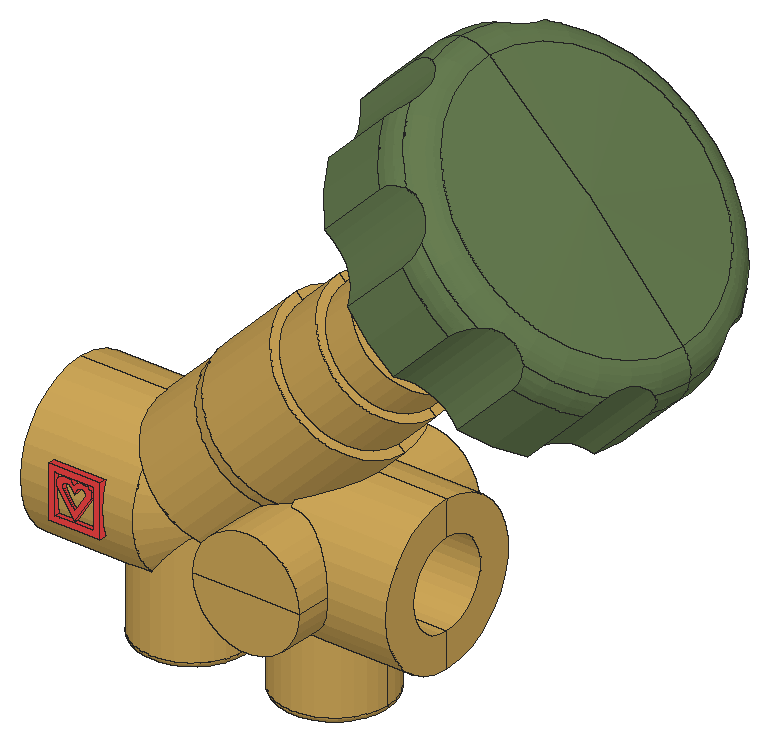
Revit family "Absperrventil 4125 AWD", category Rohrzubehör, Revit 2019
Family settings
  Bemaßung runder Anschluss = Durchmesser verwenden
  Teiletyp = Unterbricht
  OmniClass-Nummer = 23.65.55.14
  OmniClass-Titel = Valves for Liquid Services
  Arbeitsebenenbasiert = Nein
  Immer vertikal = Ja
  Beim Laden mit Abzugskörper schneiden = Nein
  Gemeinsam genutzt = Nein
Parameters
  W01 = 45.00°  # constant formula
  URL = "www.herz-armaturen.at"
  Technisch möglicher Einsatz = " "  # constant formula
  Spindel = "Messing CW617N"  # constant formula
  SW01 = 60.00°  # constant formula
  SC_NennweiteBerechnet = 0
  SC_Dimension = ""
  SCTWSEQ = "FW;SBT_TYP_FW=\"109\";2"
  SCTWCODE = "04;00;02"  # constant formula
  S03 = 60.000 mm  # constant formula
  S02 [instance] = L06 + L09 + L12 + L15  # 77.900 mm
  S01 [instance] = R01 * 2  # 27.000 mm
  R12 [instance] = R01 - 1.000 mm  # 12.500 mm
  R11 [instance] = size_lookup("4125AWD_", "R11", 46.500 mm, Nennweite)  # 5.100 mm
  R100 = 1.000 mm  # constant formula
  R10 [instance] = size_lookup("4125AWD_", "R10", 46.500 mm, Nennweite)  # 8.000 mm
  R09 [instance] = size_lookup("4125AWD_", "R9", 46.500 mm, Nennweite)  # 10.500 mm
  R08 [instance] = size_lookup("4125AWD_", "R8", 46.500 mm, Nennweite)  # 12.000 mm
  R07 [instance] = size_lookup("4125AWD_", "R7", 46.500 mm, Nennweite)  # 13.500 mm
  R06 [instance] = size_lookup("4125AWD_", "R6", 43.000 mm, Nennweite)  # 13.000 mm
  R05 [instance] = Nennweite / 2  # 7.500 mm
  R04 [instance] = size_lookup("4125AWD_", "R4", 11.500 mm, Nennweite)  # 9.500 mm
  R03 = 9.500 mm  # constant formula
  R02 [instance] = Nennweite / 2  # 7.500 mm
  R01 [instance] = size_lookup("4125AWD_", "R1", 11.500 mm, Nennweite)  # 13.500 mm
  Oberteil = "entzinkungsbeständiges Messing CW626N"  # constant formula
  Nennweite [instance] = 15.000 mm
  Min. Durchfluss bei Dp 10 kPa [instance] = if(Nennweite = 15.000 mm, 0.5 L/s, if(Nennweite = 20.000 mm, 1.0 L/s, if(Nennweite = 25.000 mm, 1.75 L/s, if(Nennweite = 32.000 mm, 3.0 L/s, if(Nennweite = 40.000 mm, 4.0 L/s, if(Nennweite = 50.000 mm, 6.75 L/s, if(Nennweite = 65.000 mm, 11.0 L/s, if(Nennweite = 80.000 mm, 16.0 L/s, 0.0 L/s))))))))  # 0.5 L/s
  Medium = "Trinkwasser"  # constant formula
  Max. Gebrauchstemperatur (ÖVGW) = 65 °C  # constant formula
  Max. Differenzdruck auf geschlossenen Sitz = 1000000.0 Pa  # constant formula
  Max. Betriebstemperatur = 80 °C  # constant formula
  Max. Betriebsdruck (ÖVGW) = 1000000.0 Pa  # constant formula
  Max. Betriebsdruck = 2000000.0 Pa  # constant formula
  L16 [instance] = L01 / 2  # 10.000 mm
  L15 [instance] = size_lookup("4125AWD_", "L15", 12.400 mm, Nennweite)  # 12.400 mm
  L14 [instance] = size_lookup("4125AWD_", "L14", 81.000 mm, Nennweite)  # 6.000 mm
  L12 [instance] = size_lookup("4125AWD_", "L12", 81.000 mm, Nennweite)  # 26.000 mm
  L11 [instance] = size_lookup("4125AWD_", "L11", 60.000 mm, Nennweite)  # 6.700 mm
  L10 [instance] = size_lookup("4125AWD_", "L10", 20.000 mm, Nennweite)  # 9.300 mm
  L09 [instance] = size_lookup("4125AWD_", "L9", 11.000 mm, Nennweite)  # 17.000 mm
  L08 [instance] = size_lookup("4125AWD_", "L8", 35.000 mm, Nennweite)  # 20.000 mm
  L07 [instance] = size_lookup("4125AWD_", "L7", 35.000 mm, Nennweite)  # 12.500 mm
  L06 [instance] = size_lookup("4125AWD_", "L6", 118.000 mm, Nennweite) - L09  # 22.500 mm
  L05 [instance] = size_lookup("4125AWD_", "L5", 44.000 mm, Nennweite)  # 20.500 mm
  L04 [instance] = size_lookup("4125AWD_", "L4", 45.000 mm, Nennweite)  # 19.500 mm
  L03 = 15.000 mm  # constant formula
  L02 [instance] = size_lookup("4125AWD_", "L2", 22.000 mm, Nennweite)  # 6.000 mm
  L01 [instance] = size_lookup("4125AWD_", "L1", 48.000 mm, Nennweite)  # 20.000 mm
  L00 [instance] = size_lookup("4125AWD_", "L", 180.000 mm, Nennweite)  # 65.000 mm
  Kegel = "entzinkungsbeständiges Messing CW626N"  # constant formula
  Hinweis = "Gemäß Art 33 der REACH-Verordnung (EG Nr. 1907/2006) sind wir verpflichtet, darauf hinzuweisen, dass der Stoff Blei auf der SVHC-Liste geführt wird und dass alle aus Messing bestehenden Bauteile, die in unseren Erzeugnissen verarbeitet sind, mehr als 0,1 % (w/w) Blei (CAS: 7439-92-1 / EINECS: 231-100-4) enthalten.\r\nDa Blei als Legierungsbestandteil fest gebunden ist, sind keine Expositionen zu erwarten und daher sind keine zusätzlichen Angaben zur sicheren Verwendung notwendig."
  Hersteller = "HERZ Armaturen Ges.m.b.H."  # constant formula
  Handrad = "Kunststoff, grün"  # constant formula
  H01 [instance] = size_lookup("4125AWD_", "H1", 53.000 mm, Nennweite)  # 24.000 mm
  Gelegentliche Temperaturanstiege = "bis 95°C, wenn sie nicht länger als 1 h andauern"  # constant formula
  Gehäuse = "entzinkungsbeständiges Gussmessing CC770S"  # constant formula
  Dichtungen = "EPDM nach KTW"  # constant formula
  DN80 [instance] = Nennweite = 80.000 mm  # no
  DN65 [instance] = Nennweite = 65.000 mm  # no
  DN50 [instance] = Nennweite = 50.000 mm  # no
  DN40 [instance] = Nennweite = 40.000 mm  # no
  DN32 [instance] = Nennweite = 32.000 mm  # no
  DN25 [instance] = Nennweite = 25.000 mm  # no
  DN20 [instance] = Nennweite = 20.000 mm  # no
  DN15 [instance] = Nennweite = 15.000 mm  # yes
  Bestellnummer [instance] = size_lookup("4125AWD_", "Artnr", 0, Nennweite)  # 2412571
  Anwendungsgebiet = "Zum Absperren von Trinkwasserleitungen in Gebäuden."
Reference planes
  plane 1 "Mitte (Vorne/hinten)": y = 0
  plane 2: z = 0
  plane 3 "Mitte (Links/rechts)": x = 0
Forms (mm)
  Revolve 1, solid, material "Messing, weicher Gelbton, geschweißt", detail levels fine
    sketch origin (470, 0, 0) x (1, 0, 0) y (0, 0, 1)
      loop
        line (-502.5, 7.5) -> (-487.5, 7.5) -> (-487.5, 0) -> (-452.5, 0) -> (-452.5, 7.5) -> (-437.5, 7.5) -> (-437.5, 13.5) -> (-457.5, 13.5) -> (-464, 7.5) -> (-476, 7.5) -> (-482.5, 13.5) -> (-502.5, 13.5) -> (-502.5, 7.5)
      axis (-502.5, 0) -> (-437.5, 0)
    angle from 0 to 360
  Revolve 2, solid, material "Messing, weicher Gelbton, geschweißt", detail levels fine
    sketch origin (470, 0, 0) x (1, 0, 0) y (0, 0, 1)
      loop
        line (-492, 0) -> (-492, -23)
        arc (-492, -23) -> (-491.707, -23.707) -> (-491, -24) r 1
        line (-491, -24) -> (-482.5, -24) -> (-482.5, 0) -> (-492, 0)
      axis (-482.5, 0) -> (-482.5, -24)
    angle from 0 to 360
  Revolve 3, solid, material "Messing, weicher Gelbton, geschweißt", detail levels fine
    sketch origin (0, 0, 0) x (1, 0, 0) y (0, 1, 0)
      loop
        line (12.5, -19.5) -> (22, -19.5) -> (22, 20.5) -> (12.5, 20.5) -> (12.5, -19.5)
      axis (12.5, -19.5) -> (12.5, 20.5)
    angle from 0 to 360
  Revolve 4, solid, material "Messing, weicher Gelbton, geschweißt", detail levels fine
    sketch origin (-470, 0, 0) x (-1, 0, 0) y (0, 0, 1)
      loop
        line (-492, 0) -> (-492, -23)
        arc (-492, -23) -> (-491.707, -23.707) -> (-491, -24) r 1
        line (-491, -24) -> (-482.5, -24) -> (-482.5, 0) -> (-492, 0)
      axis (-482.5, 0) -> (-482.5, -24)
    angle from 0 to 360
  Revolve 5, solid, material "Messing, weicher Gelbton, geschweißt", detail levels fine
    sketch origin (0.32, 0, -0.105) x (1, 0, 0) y (0, 0, 1)
      loop
        line (-12.82, 0) -> (42.264, 55.084) -> (38.657, 58.69) -> (29.889, 49.922) -> (27.839, 51.972) -> (20.767, 44.901) -> (19, 46.669) -> (14.262, 41.931) -> (13.201, 42.992) -> (6.625, 36.416) -> (5.565, 37.477) -> (-6.456, 25.456) -> (-7.87, 23.335) -> (-17.77, 13.435) -> (-18.123, 5.303) -> (-12.82, 0)
      axis (-12.82, 0) -> (42.264, 55.084)
    angle from 0 to 360
Lines and regions (mm)
  model lines, detail levels coarse+medium
    curve 1: line (-32.5, 0, 13.5) -> (-32.5, 0, -13.5)
    curve 2: line (-32.5, 0, -13.5) -> (32.5, 0, 13.5)
    curve 3: line (32.5, 0, 13.5) -> (32.5, 0, -13.5)
    curve 4: line (32.5, 0, -13.5) -> (-32.5, 0, 13.5)
    curve 5: line (0, 0, 0) -> (38.95, 0, 67.463)
    curve 6: line (12.969, 0, 82.463) -> (64.931, 0, 52.463)
    curve 7: line (-32.5, -13.5, 0) -> (-32.5, 13.5, 0)
    curve 8: line (-32.5, 13.5, 0) -> (32.5, -13.5, 0)
    curve 9: line (32.5, -13.5, 0) -> (32.5, 13.5, 0)
    curve 10: line (32.5, 13.5, 0) -> (-32.5, -13.5, 0)
    curve 11: line (0, 0, 0) -> (38.95, 67.463, 0)
    curve 12: line (12.969, 82.463, 0) -> (64.931, 52.463, 0)
Dimensions and locks
  "H01": plane 2 to Revolve 2 sketch curve
  "L00": Revolve 1 sketch curve to Revolve 1 sketch curve
  equal spacing: Revolve 1 sketch curve, plane 3 "Mitte (Links/rechts)", Revolve 1 sketch curve
  "R01": Revolve 1 sketch curve to Revolve 1 sketch curve  (x2)
  "R02": Revolve 1 sketch curve to Revolve 1 sketch curve  (x3)
  "L01": Revolve 1 sketch curve to Revolve 1 sketch curve  (x2)
  "L02": plane 3 "Mitte (Links/rechts)" to Revolve 1 sketch curve
  "L02": Revolve 1 sketch curve to plane 3 "Mitte (Links/rechts)"
  "L03": Revolve 1 sketch curve to Revolve 1 sketch curve  (x2)
  "L01": Revolve 1 to Revolve 2 sketch curve
  "R03": Revolve 2 sketch curve to Revolve 2 sketch curve
  "L01": Revolve 4 sketch curve to Revolve 1
  "R03": Revolve 4 sketch curve to Revolve 4 sketch curve
  "H01": plane 2 to Revolve 4 sketch curve
  "L04": Revolve 3 sketch curve to plane 1 "Mitte (Vorne/hinten)"
  "L05": plane 1 "Mitte (Vorne/hinten)" to Revolve 3 sketch curve
  "R04": Revolve 3 sketch curve to Revolve 3 sketch curve
  "L01": Revolve 3 sketch curve to Revolve 1
  "R07": Revolve 5 sketch curve to Revolve 5 sketch curve
  "L07": plane 3 "Mitte (Links/rechts)" to Revolve 5 sketch curve
  "R05": Revolve 5 sketch curve to Revolve 5 sketch curve
  "L06": Revolve 5 sketch curve to Revolve 5 sketch curve
  "L08": Revolve 5 sketch curve to Revolve 5 sketch curve
  "R06": Revolve 5 sketch curve to Revolve 5 sketch curve
  "L14": Revolve 5 sketch curve to Revolve 5 sketch curve
  "L09": Revolve 5 sketch curve to Revolve 5 sketch curve
  "R08": Revolve 5 sketch curve to Revolve 5 sketch curve
  "L10": Revolve 5 sketch curve to Revolve 5 sketch curve
  "R09": Revolve 5 sketch curve to Revolve 5 sketch curve
  "R10": Revolve 5 sketch curve to Revolve 5 sketch curve
  "L12": Revolve 5 sketch curve to Revolve 5 sketch curve
  "R11": Revolve 5 sketch curve to Revolve 5 sketch curve
  "L15": Revolve 5 sketch curve to Revolve 5 sketch curve
  "L11": Revolve 5 sketch curve to Revolve 5 sketch curve
  "R12": nested 9 to plane 1 "Mitte (Vorne/hinten)"
  "L16": Revolve 1 to nested 9
  equal spacing: curve 1, plane 3 "Mitte (Links/rechts)", curve 3
  "L00": curve 1 to curve 3
  equal spacing: curve 4, plane 2, curve 2
  "S01": curve 4 to curve 1
  "S01": curve 3 to curve 4
  equal spacing: curve 3, plane 2, curve 4
  "S02": curve 5 to curve 5
  equal spacing: curve 6, curve 5, curve 6
  "S03": curve 6 to curve 6
  equal spacing: curve 7, plane 3 "Mitte (Links/rechts)", curve 9
  "L00": curve 7 to curve 9
  equal spacing: curve 10, plane 1 "Mitte (Vorne/hinten)", curve 8
  "S01": curve 8 to curve 10
  equal spacing: curve 9, plane 1 "Mitte (Vorne/hinten)", curve 10
  "S01": curve 10 to curve 9
  "S02": curve 11 to curve 11
  equal spacing: curve 12, curve 11, curve 12
  "S03": curve 12 to curve 12
  "R100": radius of Revolve 2 sketch curve
  "R100": radius of Revolve 4 sketch curve
  "W01": angle plane 2 to Revolve 5 sketch curve
  "W01": angle level to Revolve 5 sketch curve
  "SW01": angle plane 2 to curve 5
  "SW01": angle plane 1 "Mitte (Vorne/hinten)" to curve 11
  aligned and locked: level to plane 2
Automatic sketch dimensions
  curve 5 to level = 0.000 mm
  plane 1 "Mitte (Vorne/hinten)" to curve 11 = 0.000 mm
  Revolve 1 sketch curve to level = 0.000 mm  (x2)
  Revolve 1 sketch curve to Revolve 1 sketch curve = 791.990 mm
  Revolve 1 sketch curve to Revolve 1 sketch curve = 2278.983 mm
  Revolve 2 sketch curve to level = 0.000 mm  (x2)
  Revolve 2 sketch curve to Revolve 2 sketch curve = 0.000 mm
  Revolve 2 sketch curve to Revolve 2 sketch curve = 0.292 mm
  Revolve 3 sketch curve to Revolve 3 sketch curve = 0.000 mm  (x3)
  Revolve 4 sketch curve to level = 0.000 mm  (x2)
  Revolve 4 sketch curve to Revolve 4 sketch curve = 0.000 mm
  Revolve 4 sketch curve to Revolve 4 sketch curve = 0.292 mm
  Revolve 5 sketch curve to level = 0.105 mm
  Revolve 5 sketch curve to Revolve 5 sketch curve = 0.000 mm  (x2)
Nested families
  nested 1: "Strömax-Handrad_Schrägsitz (Grün)" at (42.584, 0, 54.979), visible <- "DN15", type "Strömax-Handrad_Schrägsitz (Grün)", detail levels fine
    with Nennweite 0.000 mm, Gewicht 0.00 kg, Bestellnummer 0
  nested 2: "Strömax-Handrad_Schrägsitz (Grün)" at (54.312, 0, 67.707), visible <- "DN20", type "Strömax-Handrad_Schrägsitz (Grün)", detail levels fine
    with Nennweite 0.000 mm, Gewicht 0.00 kg, Bestellnummer 0
  nested 3: "Strömax-Handrad_Schrägsitz (Grün)" at (62.469, 0, 80.364), visible <- "DN25", type "Strömax-Handrad_Schrägsitz (Grün)", detail levels fine
    with Nennweite 0.000 mm, Gewicht 0.00 kg, Bestellnummer 0
  nested 4: "Strömax-Handrad_Schrägsitz (Grün)" at (71.712, 0, 91.607), visible <- "DN32", type "Strömax-Handrad_Schrägsitz (Grün)", detail levels fine
    with Nennweite 0.000 mm, Gewicht 0.00 kg, Bestellnummer 0
  nested 5: "Strömax-Handrad_Schrägsitz (Grün)" at (80.399, 0, 101.294), visible <- "DN40", type "Strömax-Handrad_Schrägsitz (Grün)", detail levels fine
    with Nennweite 0.000 mm, Gewicht 0.00 kg, Bestellnummer 0
  nested 6: "Strömax-Handrad_Schrägsitz (Grün)" at (97.83, 0, 129.225), visible <- "DN50", type "Strömax-Handrad_Schrägsitz (Grün)", detail levels fine
    with Nennweite 0.000 mm, Gewicht 0.00 kg, Bestellnummer 0
  nested 7: "Strömax-Handrad_Schrägsitz (Grün)" at (114.482, 0, 149.378), visible <- "DN65", type "Strömax-Handrad_Schrägsitz (Grün)", detail levels fine
    with Nennweite 0.000 mm, Gewicht 0.00 kg, Bestellnummer 0
  nested 8: "Strömax-Handrad_Schrägsitz (Grün)" at (140.423, 0, 183.319), visible <- "DN80", type "Strömax-Handrad_Schrägsitz (Grün)", detail levels fine
    with Nennweite 0.000 mm, Gewicht 0.00 kg, Bestellnummer 0
  nested 9: "Herz-Logo-vorne" at (-22.5, -13.232, 0) x (0, 1, 0) z (0, 0, 1), type "Herz-Logo-vorne", detail levels fine
Connectors
  piping at (-17.5, 0, 0), diameter 15, driven by "Nennweite"
    settings: on Revolve 1, index 1, connector inside diameter 609.6 mm, connector length 0.000 mm, flow factor 0, pipe flow 0.0 L/s, pressure drop 0.0 Pa, fitting loss kfactor 0, connector angle 0.00°, fixture units 0, engagement length 0.000 mm, angle of deflection 0.00°, flow configuration 0, flow direction 1, fitting loss method 0, system type 29, joint type 0, gender type 0, connector reference index -1, connector utility 0, adjustable connector no, is connector primary yes, connector description ""
  piping at (17.5, 0, 0), diameter 15, driven by "Nennweite"
    settings: on Revolve 1, index 2, connector inside diameter 609.6 mm, connector length 0.000 mm, flow factor 0, pipe flow 0.0 L/s, pressure drop 0.0 Pa, fitting loss kfactor 0, connector angle 0.00°, fixture units 0, engagement length 0.000 mm, angle of deflection 0.00°, flow configuration 0, flow direction 2, fitting loss method 0, system type 29, joint type 0, gender type 0, connector reference index -1, connector utility 0, adjustable connector no, is connector primary no, connector description ""
Definition of nested family "Strömax-Handrad_Schrägsitz (Grün)"
  Parameters (values of type "Strömax-Handrad_Schrägsitz (Grün)")
    URL = "www.herz-armaturen.at"
    Nennweite [instance] = 0.000 mm
    Manufacturer = "Herz Armaturen GmbH"  # constant formula
    Gewicht [instance] = 0.00 kg
    Bestellnummer [instance] = 0
  Reference planes
    plane 1 "Mitte (Vorne/hinten)": y = 0
    plane 2: z = 0
    plane 3 "Mitte (Links/rechts)": x = 0
  Forms (mm)
    Revolve 1, solid
      sketch origin (0, 0, 0) x (0.707107, 0, -0.707107) y (0.707107, 0, 0.707107)
        loop
          line (0, 0) -> (0, 22)
          arc (0, 22) -> (-12.15, 21.705) -> (-24.271, 20.819) r 250
          arc (-24.271, 20.819) -> (-26.831, 19.959) -> (-28.754, 18.063) r 6
          arc (-28.754, 18.063) -> (-29.682, 16.008) -> (-30, 13.776) r 8
          line (-30, 13.776) -> (-30, 0) -> (0, 0)
        axis (0, 22) -> (0, 0)
      angle from 0 to 360
    Extrusion 2, void
      sketch origin (0, 0, 0) x (0.707107, 0, -0.707107) y (0, 1, 0)
        loop
          circle (14.351, -34.645) r 10
      from 0 to 22
    Extrusion 3, void
      sketch origin (0, 0, 0) x (-0.707107, 0, 0.707107) y (0, -1, 0)
        loop
          circle (14.351, 34.645) r 10
      from 0 to 22
    Extrusion 4, void
      sketch origin (0, 0, 0) x (0, -1, 0) y (0.707107, 0, -0.707107)
        loop
          circle (14.351, 34.645) r 10
      from 0 to 22
    Extrusion 5, void
      sketch origin (0, 0, 0) x (0, 1, 0) y (-0.707107, 0, 0.707107)
        loop
          circle (14.351, -34.645) r 10
      from 0 to 22
    Extrusion 6, void
      sketch origin (0, 0, 0) x (0, -1, 0) y (0.707107, 0, -0.707107)
        loop
          circle (14.351, -34.645) r 10
      from 0 to 22
    Extrusion 7, void
      sketch origin (0, 0, 0) x (0, 1, 0) y (-0.707107, 0, 0.707107)
        loop
          circle (14.351, 34.645) r 10
      from 0 to 22
    Extrusion 8, void
      sketch origin (0, 0, 0) x (0.707107, 0, -0.707107) y (0, 1, 0)
        loop
          circle (14.351, 34.645) r 10
      from 0 to 22
    Extrusion 9, void
      sketch origin (0, 0, 0) x (-0.707107, 0, 0.707107) y (0, -1, 0)
        loop
          circle (14.351, -34.645) r 10
      from 0 to 22
  Cuts and joins
    Extrusion 2, Extrusion 3, Extrusion 4, Extrusion 5, Extrusion 6, Extrusion 7, Extrusion 8, Extrusion 9 cuts Revolve 1
  Dimensions and locks
    aligned and locked: level to plane 2
Definition of nested family "Herz-Logo-vorne"
  Reference planes
    plane 1 "Mitte (Vorne/hinten)": y = 0
    plane 2: z = 0
    plane 3 "Mitte (Links/rechts)": x = 0
  Forms (mm)
    Extrusion 1, solid
      sketch origin (0.732, -0.018, 0.017) x (0, -1, 0) y (0, 0, 1)
        loop
          line (-0.018, -4.517) -> (4.482, -4.517) -> (4.482, 4.483) -> (-4.518, 4.483) -> (-4.518, -4.517) -> (-0.018, -4.517)
        loop
          line (-0.05, -3.48) -> (3.482, -3.48) -> (3.482, 3.483) -> (-3.518, 3.483) -> (-3.518, -3.48) -> (-0.05, -3.48)
        loop
          arc (-0.018, 2.383) -> (-1.543, 3.287) -> (-3.067, 2.383) r 1.738
          arc (-3.067, 2.383) -> (-3.191, 1.899) -> (-3.067, 1.415) r 1.009
          line (-3.067, 1.415) -> (-0.018, -3.281) -> (3.032, 1.415)
          arc (3.032, 1.415) -> (3.156, 1.899) -> (3.032, 2.383) r 1.009
          arc (3.032, 2.383) -> (1.507, 3.287) -> (-0.018, 2.383) r 1.738
        loop
          arc (1.885, 1.272) -> (2.005, 1.675) -> (1.885, 2.079) r 0.74
          arc (1.885, 2.079) -> (1.265, 2.416) -> (0.644, 2.079) r 0.74
          line (0.644, 2.079) -> (-0.018, 0.97) -> (-0.679, 2.079)
          arc (-0.679, 2.079) -> (-1.3, 2.416) -> (-1.921, 2.079) r 0.74
          arc (-1.921, 2.079) -> (-2.04, 1.675) -> (-1.921, 1.272) r 0.74
          line (-1.921, 1.272) -> (-0.018, -1.658) -> (1.885, 1.272)
      from 0 to 1.5
  Dimensions and locks
    aligned and locked: level to plane 2
